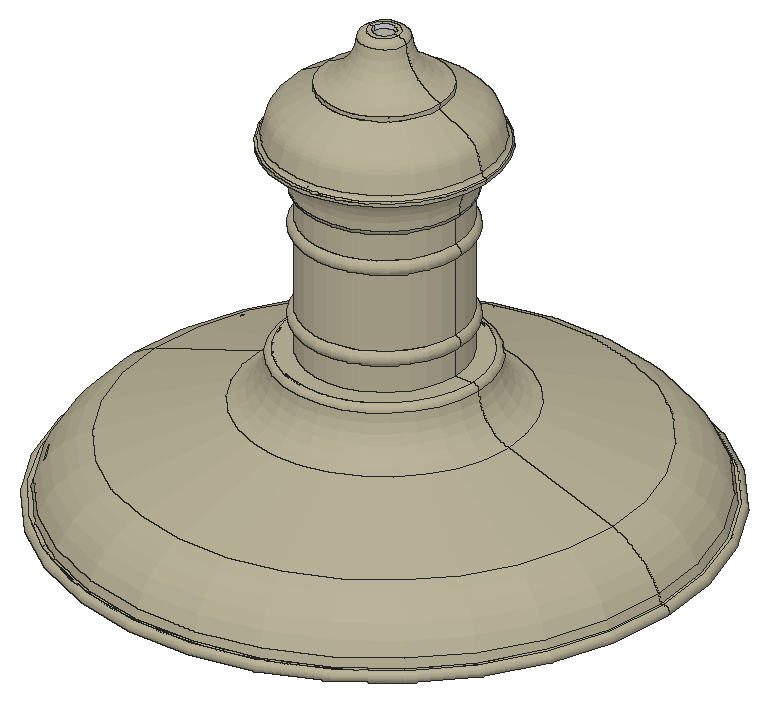
Revit family "TA14 SHADE", category Lighting Fixtures, Revit 2024
Family settings
  Round Connector Dimension = Use Diameter
  Part Type = Normal
  OmniClass Number = 23.80.70.00
  OmniClass Title = Lighting
  Work Plane-Based = No
  Always vertical = Yes
  Cut with Voids When Loaded = No
  Light Source = Yes
  Maintain Annotation Orientation = No
  Shared = No
  Room Calculation Point = No
Parameters
  Wattage = 12.1178 W
  built-in parameter 1150110 = 1 (stored number, unit not read)
  built-in parameter 1114217 = 1 (stored number, unit not read)
  built-in parameter 1150109 = 1 (stored number, unit not read)
  built-in parameter 1150134 = (empty or 0)
  built-in parameter 1150113 = 1 (stored number, unit not read)
  Lumens = 1800 lm
  built-in parameter 1150115 = 1 (stored number, unit not read)
  built-in parameter 1150105 = 572.96 (stored number, unit not read)
  Light Source Symbol Size = 2' - 0"
  built-in parameter 1150137 = (empty or 0)
  built-in parameter 1150139 = (empty or 0)
  built-in parameter 1150112 = 1 (stored number, unit not read)
  built-in parameter 1150114 = 1 (stored number, unit not read)
  built-in parameter 1150132 = 2
  built-in parameter 1150102 = (empty or 0)
  built-in parameter 1150138 = (empty or 0)
  built-in parameter 1150107 = 3000 (stored number, unit not read)
  built-in parameter 1150106 = 5.7296 (stored number, unit not read)
  built-in parameter 1150104 = 13.8 (stored number, unit not read)
  Dimming Lamp Color Temperature Shift = (empty or 0)
  Default Elevation = 0' - 0"
  Color Filter = 16777215
  built-in parameter 1114218 = 1 (stored number, unit not read)
  built-in parameter 1150133 = 10 (stored number, unit not read)
Reference planes (in)
  plane 1 "Light Source Axis (F/B)": y = 0
  plane 2: z = 0
  plane 3 "Light Source Axis (L/R)": x = 0
  plane 4 "Light Source Elevation": z = 54
Forms (in)
  Revolve 1, solid
    sketch origin (0, 0, 0) x (1, 0, 0) y (0, 0, 1)
      loop
        arc (-2.31292, 57.35855) -> (-2.52533, 56.74618) -> (-3.05129, 56.36739) r 1.07447
        line (-3.05129, 56.36739) -> (-5.61031, 55.52576)
        arc (-5.61031, 55.52576) -> (-6.29296, 55.10589) -> (-6.74409, 54.44347) r 1.9155
        line (-6.74409, 54.44347) -> (-6.79593, 54.25) -> (-6.875, 54.25)
        arc (-6.875, 54.25) -> (-6.96339, 54.03661) -> (-6.75, 54.125) r 0.125
        line (-6.75, 54.125) -> (-6.70537, 54.22574) -> (-6.65507, 54.41346)
        arc (-6.65507, 54.41346) -> (-6.22651, 55.03972) -> (-5.57998, 55.43704) r 1.82175
        line (-5.57998, 55.43704) -> (-3.022, 56.27833)
        arc (-3.022, 56.27833) -> (-2.44965, 56.69083) -> (-2.21916, 57.35763) r 1.16822
        arc (-2.21916, 57.35763) -> (-2.20552, 57.39195) -> (-2.17147, 57.40625) r 0.0477
        line (-2.17147, 57.40625) -> (-1.65625, 57.40625) -> (-1.65625, 60.28125) -> (-1.65625, 61) -> (-1.75774, 61.10149)
        arc (-1.75774, 61.10149) -> (-1.9179, 61.67523) -> (-2.35207, 62.08307) r 1.10775
        line (-2.35207, 62.08307) -> (-2.30159, 62.1796)
        spline (-2.30159, 62.1796) -> (-2.24698, 62.40762) -> (-2.21344, 62.52527) -> (-2.18719, 62.59136) -> (-2.16024, 62.63911) -> (-2.12608, 62.68437) -> (-2.08139, 62.73272) -> (-2.02181, 62.78624) -> (-1.94187, 62.84733) -> (-1.8361, 62.91725) -> (-1.69683, 62.99762) -> (-1.51473, 63.09035) -> (-1.28125, 63.1971)
        line (-1.28125, 63.1971) -> (-1.28125, 63.28071)
        arc (-1.28125, 63.28071) -> (-0.70357, 63.68623) -> (-0.43742, 64.33994) r 1.25071
        arc (-0.43742, 64.33994) -> (-0.40318, 64.38775) -> (-0.3473, 64.40605) r 0.09449
        line (-0.3473, 64.40605) -> (-0.25, 64.40605) -> (-0.25, 64.4998) -> (-0.3473, 64.4998)
        arc (-0.3473, 64.4998) -> (-0.46319, 64.45989) -> (-0.52994, 64.3571) r 0.18824
        arc (-0.52994, 64.3571) -> (-0.79553, 63.72186) -> (-1.375, 63.35) r 1.15696
        line (-1.375, 63.35) -> (-1.375, 63.25823)
        spline (-1.375, 63.25823) -> (-1.59626, 63.1549) -> (-1.7704, 63.0642) -> (-1.90553, 62.98442) -> (-2.00973, 62.91387) -> (-2.09063, 62.85082) -> (-2.15327, 62.7934) -> (-2.20189, 62.73969) -> (-2.24067, 62.68725) -> (-2.27331, 62.62829) -> (-2.3033, 62.55161) -> (-2.33835, 62.42806) -> (-2.39271, 62.20092)
        arc (-2.39271, 62.20092) -> (-2.41779, 62.14071) -> (-2.46875, 62.1) r 0.13128
        arc (-2.46875, 62.1) -> (-2.49085, 62.09085) -> (-2.5, 62.06875) r 0.03125
        line (-2.5, 62.06875) -> (-2.5, 62) -> (-2.39552, 62)
        arc (-2.39552, 62) -> (-1.9981, 61.62668) -> (-1.85149, 61.10149) r 1.014
        arc (-1.85149, 61.10149) -> (-1.82176, 61.02973) -> (-1.75, 61) r 0.10149
        line (-1.75, 61) -> (-1.75, 60.40625)
        arc (-1.75, 60.40625) -> (-1.875, 60.25) -> (-1.75, 60.09375) r 0.16016
        line (-1.75, 60.09375) -> (-1.75, 58.40625)
        arc (-1.75, 58.40625) -> (-1.875, 58.25) -> (-1.75, 58.09375) r 0.16016
        line (-1.75, 58.09375) -> (-1.75, 57.5) -> (-2.17147, 57.5)
        arc (-2.17147, 57.5) -> (-2.27149, 57.45857) -> (-2.31292, 57.35855) r 0.14145
      axis (0, 64.4998) -> (0, 54.125)
    angle from 0 to 360
Dimensions and locks (in)
  aligned and locked: plane 3 "Light Source Axis (L/R)" to imposter light
  aligned and locked: plane 1 "Light Source Axis (F/B)" to imposter light
  aligned and locked: plane 4 "Light Source Elevation" to imposter light
  aligned and locked: level to plane 2
